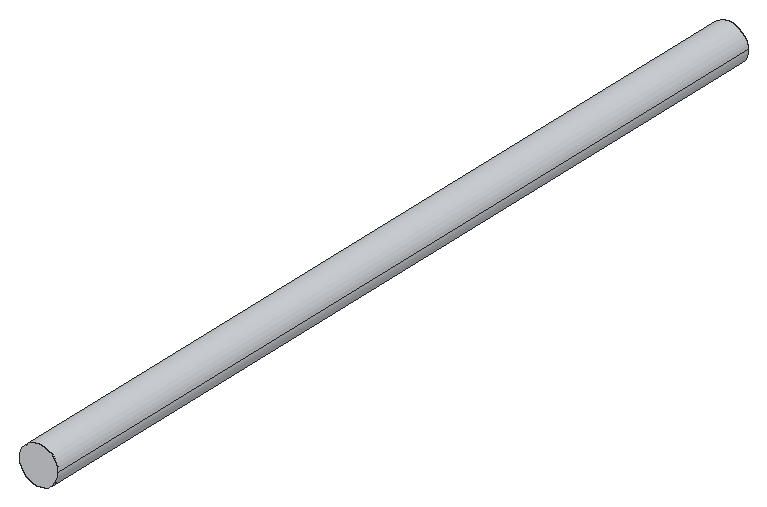
Revit family "檐檩", category 常规模型, Revit 2022
Family settings
  可将钢筋附着到主体 = 否
  圆形连接件大小 = 使用直径
  零件类型 = 标准
  基于工作平面 = 否
  总是垂直 = 是
  加载时剪切的空心 = 否
  保持注释方向 = 否
  共享 = 否
  房间计算点 = 否
Parameters
  默认高程 = 0 mm
  檐檩长 [instance] = 3600 mm
  檐檩直径 [instance] = 160 mm
Reference planes
  plane 1 "中心(前/后)": y = 0
  plane 2: z = 0
  plane 3 "中心(左/右)": x = 0
Forms (mm)
  Extrusion 1, solid
    sketch origin (0, 0, 0) x (1, 0, 0) y (0, 0, 1)
      loop
        circle (1603.511, 456.63) r 80
    from 0 to 3600
Dimensions and locks
  "檐檩长": Extrusion 1 to Extrusion 1
  "檐檩直径": diameter of Extrusion 1 sketch curve
  aligned and locked: level to plane 2
Automatic sketch dimensions
  level to Extrusion 1 sketch curve = 456.63 mm
  plane 3 "中心(左/右)" to Extrusion 1 sketch curve = 1603.511 mm
